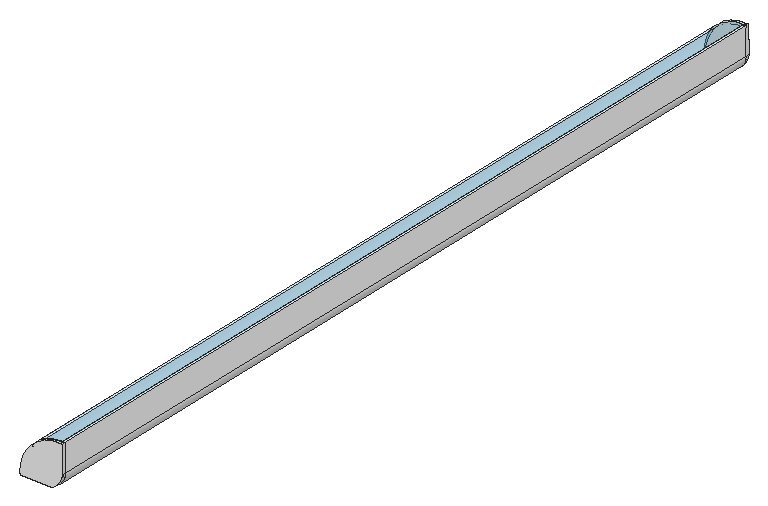
Revit family "LLED-CMW-4RF", category Lighting Fixtures, Revit 2017
Family settings
  Round Connector Dimension = Use Diameter
  Part Type = Normal
  OmniClass Number = 23.80.70.00
  OmniClass Title = Lighting
  Work Plane-Based = Yes
  Always vertical = Yes
  Cut with Voids When Loaded = No
  Light Source = Yes
  Shared = No
  Room Calculation Point = No
Parameters (values of type "LLED-CMW")
  Wattage = 9.2903 W
  built-in parameter 1150110 = 1 (stored number, unit not read)
  built-in parameter 1114217 = 1 (stored number, unit not read)
  Tilt Angle = 60.00°
  built-in parameter 1150109 = 1 (stored number, unit not read)
  built-in parameter 1150134 = 3
  built-in parameter 1150113 = 1 (stored number, unit not read)
  Photometric Web File = "generic"
  built-in parameter 1150142 = (empty or 0)
  built-in parameter 1150105 = 109.82 (stored number, unit not read)
  Lumens = 1380 lm
  built-in parameter 1150115 = 1 (stored number, unit not read)
  built-in parameter 1150137 = (empty or 0)
  built-in parameter 1150139 = (empty or 0)
  Length = 24.00"
  built-in parameter 1150112 = 1 (stored number, unit not read)
  built-in parameter 1150114 = 1 (stored number, unit not read)
  built-in parameter 1150132 = (empty or 0)
  built-in parameter 1150102 = (empty or 0)
  built-in parameter 1150107 = 3200 (stored number, unit not read)
  built-in parameter 1150138 = (empty or 0)
  built-in parameter 1150106 = 1.0982 (stored number, unit not read)
  Fixture Cap = Fixture Cap
  Fixture = Fixture
  Emit from Line Length = Length  # 24.00"
  built-in parameter 1150104 = 13.8 (stored number, unit not read)
  Dimming Lamp Color Temperature Shift = <None>
  Default Elevation = 48.00"
  Color Filter = 16777215
  built-in parameter 1114218 = 1 (stored number, unit not read)
  built-in parameter 1150133 = 10 (stored number, unit not read)
Reference planes (in)
  plane 1 "Light Source Axis (F/B)": y = 0
  plane 2: z = 0
  plane 3 "Light Source Axis (L/R)": x = 0
  plane 4 "Light Source Elevation": z = 80
  plane 5: y = 12
  plane 6: y = -12
  plane 7: y = 12.08062
  plane 8: y = -12.08063
Forms (in)
  Extrusion 1, solid, material "Fixture" <- "Fixture"
    sketch origin (-0.45508, 0, -0.07812) x (1, 0, 0) y (0, 0, 1)
      loop
        line (0.45313, 0.07812) -> (1.23313, 0.07812)
        arc (1.23313, 0.07812) -> (1.51597, 0.19528) -> (1.63313, 0.47812) r 0.4
        line (1.63313, 0.47812) -> (1.63313, 1.25812) -> (1.58313, 1.26185) -> (1.58313, 0.47812)
        arc (1.58313, 0.47812) -> (1.48061, 0.23064) -> (1.23313, 0.12812) r 0.35
        line (1.23313, 0.12812) -> (0.4494, 0.12812) -> (0.45313, 0.07812)
    from -12 to 12
  Extrusion 2, solid, material "Fixture Cap" <- "Fixture Cap"
    sketch origin (-0.45508, -4.28688, -0.42187) x (1, 0, 0) y (0, 0, -1)
      loop
        line (1.63313, -1.60187) -> (1.63313, -0.82187)
        arc (1.63313, -0.82187) -> (1.51597, -0.53903) -> (1.23313, -0.42187) r 0.4
        line (1.23313, -0.42187) -> (0.45313, -0.42187) -> (0.4494, -0.47187)
        arc (0.4494, -0.47187) -> (0.76432, -1.29068) -> (1.58313, -1.6056) r 1.08
        line (1.58313, -1.6056) -> (1.63313, -1.60187)
    from 16.3675 to 16.28688
  Extrusion 3, solid, material "Glass"
    sketch origin (-0.00195, 0, 0) x (1, 0, 0) y (0, 0, 1)
      loop
        arc (1.13, 1.18372) -> (0.3112, 0.8688) -> (-0.00372, 0.05) r 1.08
        line (-0.00372, 0.05) -> (0.04635, 0.05)
        arc (0.04635, 0.05) -> (0.34655, 0.83345) -> (1.13, 1.13365) r 1.03
        line (1.13, 1.13365) -> (1.13, 1.18372)
    from -12 to 12
  Extrusion 4, solid, material "Fixture Cap" <- "Fixture Cap"
    sketch origin (-0.45508, 4.28688, -0.42187) x (1, 0, 0) y (0, 0, 1)
      loop
        line (1.63313, 1.60187) -> (1.58313, 1.6056)
        arc (1.58313, 1.6056) -> (0.76432, 1.29068) -> (0.4494, 0.47187) r 1.08
        line (0.4494, 0.47187) -> (0.45313, 0.42187) -> (1.23313, 0.42187)
        arc (1.23313, 0.42187) -> (1.51597, 0.53903) -> (1.63313, 0.82187) r 0.4
        line (1.63313, 0.82187) -> (1.63313, 1.60187)
    from 16.3675 to 16.28687
Dimensions and locks (in)
  equal spacing: plane 5, plane 1 "Light Source Axis (F/B)", plane 6
  "Length": plane 5 to plane 6
  locked: plane 6 to plane 8 at 0.08063
  locked: plane 7 to plane 5 at 0.08062
  Extrusion 4 to plane 3 "Light Source Axis (L/R)" = 1.17805"
  Extrusion 1 to level = 1.18"
  radius of Extrusion 4 = 1.08"
  aligned and locked: level to plane 2
  aligned and locked: Extrusion 1 to plane 6
  aligned and locked: plane 5 to Extrusion 1
  aligned and locked: plane 5 to Extrusion 3
  aligned and locked: Extrusion 3 to plane 6
  aligned and locked: plane 7 to Extrusion 2
  aligned and locked: Extrusion 2 to plane 5
  aligned and locked: Extrusion 1 to Extrusion 2
  aligned and locked: Extrusion 3 to Extrusion 2  (x2)
  aligned and locked: Extrusion 2 to plane 7  (x2)
  aligned and locked: plane 5 to Extrusion 2
  aligned and locked: plane 6 to Extrusion 4
  aligned and locked: Extrusion 4 to plane 8
  aligned and locked: Extrusion 3 to Extrusion 4
  aligned and locked: Extrusion 3 to plane 5
  aligned and locked: Extrusion 3 to Extrusion 1
Automatic sketch dimensions
  Extrusion 1 sketch curve to Extrusion 1 sketch curve = 0.00"  (x2)
  Extrusion 1 sketch curve to level = 0.00"
  Extrusion 1 sketch curve to plane 3 "Light Source Axis (L/R)" = 0.00567"
  Extrusion 1 sketch curve to plane 3 "Light Source Axis (L/R)" = 0.00195"
  Extrusion 1 sketch curve to Extrusion 1 sketch curve = 0.78"  (x2)
  Extrusion 1 sketch curve to Extrusion 1 sketch curve = 0.35"
  Extrusion 1 sketch curve to Extrusion 1 sketch curve = 0.05"
  Extrusion 1 sketch curve to Extrusion 1 sketch curve = 0.00372"
  Extrusion 3 sketch curve to Extrusion 3 sketch curve = 0.00"  (x2)
  Extrusion 3 sketch curve to plane 3 "Light Source Axis (L/R)" = 0.00567"
  Extrusion 3 sketch curve to Extrusion 3 sketch curve = 0.05007"
  level to Extrusion 3 sketch curve = 0.10513"
  Extrusion 3 sketch curve to Extrusion 3 sketch curve = 1.02852"
  Extrusion 3 sketch curve to Extrusion 3 sketch curve = 0.05513"
  level to Extrusion 3 sketch curve = 0.05"
  Extrusion 4 sketch curve to level = 0.00"
  level to Extrusion 4 sketch curve = 0.40"
  plane 3 "Light Source Axis (L/R)" to Extrusion 4 sketch curve = 0.77805"
  Extrusion 4 sketch curve to Extrusion 4 sketch curve = 0.78"
  Extrusion 4 sketch curve to plane 3 "Light Source Axis (L/R)" = 0.00195"
  Extrusion 4 sketch curve to plane 3 "Light Source Axis (L/R)" = 0.00567"
  Extrusion 4 sketch curve to Extrusion 4 sketch curve = 0.05"
  level to Extrusion 4 sketch curve = 0.05"
  Extrusion 4 sketch curve to Extrusion 4 sketch curve = 0.00372"
  level to Extrusion 4 sketch curve = 0.10513"
  Extrusion 2 sketch curve to level = 0.00"
  Extrusion 2 sketch curve to plane 3 "Light Source Axis (L/R)" = 0.00567"
  Extrusion 2 sketch curve to plane 3 "Light Source Axis (L/R)" = 0.00195"
  Extrusion 2 sketch curve to Extrusion 2 sketch curve = 0.78"  (x2)
  Extrusion 2 sketch curve to Extrusion 2 sketch curve = 0.35"
  Extrusion 2 sketch curve to Extrusion 2 sketch curve = 0.10513"
  Extrusion 2 sketch curve to Extrusion 2 sketch curve = 0.00372"
